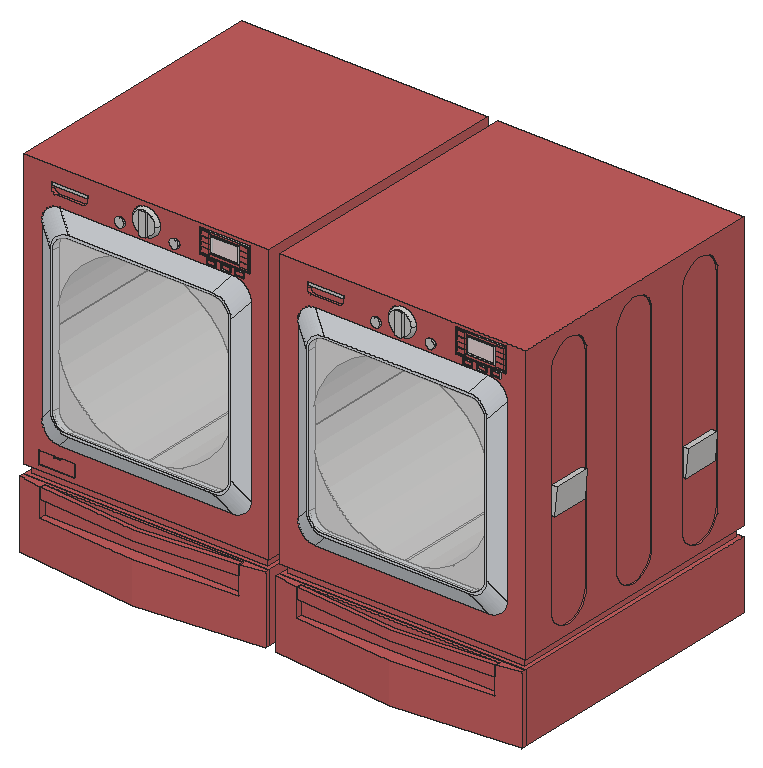
Revit family
Reference planes (in)
  plane 1 "Center (Front/Back)": y = 0
  plane 2: z = 0
  plane 3 "Center (Left/Right)": x = 0
Forms (in)
  Extrusion 1, solid, material "Washer and Dryer Red"
    sketch origin (25.30431, 25.57409, 0) x (1, 0, 0) y (0, 1, 0)
      loop
        line (-38.1577, -10.98248) -> (-38.1577, -40.98248) -> (-11.1577, -40.98248) -> (-11.1577, -10.98248) -> (-38.1577, -10.98248)
    from 0 to 39
  Sweep 2, void
    path in 3D
      loop
        line (-12.85339, -15.4084, 39) -> (14.14661, -15.4084, 39) -> (14.14661, 14.5916, 39) -> (-12.85339, 14.5916, 39) -> (-12.85339, -15.4084, 39)
    profile origin (-12.85339, -0.4084, 39) x (1, 0, 0) y (0, 0, 1)
      loop
        line (0, -31.5) -> (0.5, -31.5) -> (0.5, -30.5) -> (0, -30.5) -> (0, -31.5)
  Extrusion 3, void
    sketch origin (-12.85339, 66.17187, 0) x (0, -1, 0) y (0, 0, -1)
      loop
        arc (73.12936, -35.21261) -> (75.62936, -37.71261) -> (78.12936, -35.21261) r 2.5
        line (78.12936, -35.21261) -> (78.12936, -11.91538)
        arc (78.12936, -11.91538) -> (75.62936, -9.41538) -> (73.12936, -11.91538) r 2.5
        line (73.12936, -11.91538) -> (73.12936, -35.21261)
      loop
        arc (64.12936, -35.21261) -> (66.62936, -37.71261) -> (69.12936, -35.21261) r 2.5
        line (69.12936, -35.21261) -> (69.12936, -11.91538)
        arc (69.12936, -11.91538) -> (66.62936, -9.41538) -> (64.12936, -11.91538) r 2.5
        line (64.12936, -11.91538) -> (64.12936, -35.21261)
      loop
        arc (55.12936, -35.21261) -> (57.62936, -37.71261) -> (60.12936, -35.21261) r 2.5
        line (60.12936, -35.21261) -> (60.12936, -11.91538)
        arc (60.12936, -11.91538) -> (57.62936, -9.41538) -> (55.12936, -11.91538) r 2.5
        line (55.12936, -11.91538) -> (55.12936, -35.21261)
    from 0 to 0.25
  Extrusion 4, void
    sketch origin (14.14661, 66.17187, 0) x (0, -1, 0) y (0, 0, 1)
      loop
        line (73.12936, 35.21261) -> (73.12936, 11.91538)
        arc (73.12936, 11.91538) -> (75.62936, 9.41538) -> (78.12936, 11.91538) r 2.5
        line (78.12936, 11.91538) -> (78.12936, 35.21261)
        arc (78.12936, 35.21261) -> (75.62936, 37.71261) -> (73.12936, 35.21261) r 2.5
      loop
        line (64.12936, 35.21261) -> (64.12936, 11.91538)
        arc (64.12936, 11.91538) -> (66.62936, 9.41538) -> (69.12936, 11.91538) r 2.5
        line (69.12936, 11.91538) -> (69.12936, 35.21261)
        arc (69.12936, 35.21261) -> (66.62936, 37.71261) -> (64.12936, 35.21261) r 2.5
      loop
        line (55.12936, 35.21261) -> (55.12936, 11.91538)
        arc (55.12936, 11.91538) -> (57.62936, 9.41538) -> (60.12936, 11.91538) r 2.5
        line (60.12936, 11.91538) -> (60.12936, 35.21261)
        arc (60.12936, 35.21261) -> (57.62936, 37.71261) -> (55.12936, 35.21261) r 2.5
    from 0 to 0.25
  Extrusion 5, solid, material "Vents"
    sketch origin (0, 0, -13.6942) x (1, 0, 0) y (0, 0, 1)
      loop
        line (-12.60339, 33.52642) -> (-13.29009, 33.52642) -> (-13.02656, 30.51427) -> (-12.60339, 30.51427) -> (-12.60339, 33.52642)
    from -10.39862 to -6.50263
  Extrusion 6, solid, material "Vents"
    sketch origin (0, 0, -7.6942) x (1, 0, 0) y (0, 0, 1)
      loop
        line (-12.60339, 31.67672) -> (-13.31598, 31.67672) -> (-13.05274, 28.66793) -> (-12.60339, 28.66793) -> (-12.60339, 31.67672)
    from 7.50253 to 11.55131
  Extrusion 7, solid, material "Vents"
    sketch origin (1.29321, 0, -13.6942) x (-1, 0, 0) y (0, 0, -1)
      loop
        line (-12.60339, -33.52642) -> (-12.60339, -30.51427) -> (-13.02656, -30.51427) -> (-13.29009, -33.52642) -> (-12.60339, -33.52642)
    from -10.39862 to -6.50263
  Extrusion 8, solid, material "Vents"
    sketch origin (1.29321, 0, -7.6942) x (-1, 0, 0) y (0, 0, -1)
      loop
        line (-12.60339, -31.67672) -> (-12.60339, -28.66793) -> (-13.05274, -28.66793) -> (-13.31598, -31.67672) -> (-12.60339, -31.67672)
    from 7.50253 to 11.55131
  Extrusion 9, solid, material "Washer and Dryer Red"
    sketch origin (0, 0, 0) x (1, 0, 0) y (0, 1, 0)
      loop
        line (-12.85339, -15.4084) -> (-12.85339, -15.9084)
        arc (-12.85339, -15.9084) -> (0.64661, -17.22399) -> (14.14661, -15.9084) r 69.92289
        line (14.14661, -15.9084) -> (14.14661, -15.4084) -> (-12.85339, -15.4084)
    from 0 to 7.5
  Extrusion 10, void
    sketch origin (0, 0, 0) x (1, 0, 0) y (0, 1, 0)
      loop
        line (-10.27358, -15.75538) -> (-10.27358, -17.79213) -> (11.56679, -17.79213) -> (11.56679, -15.75538) -> (-10.27358, -15.75538)
    from 7.5 to 4.5
  Extrusion 11, solid, material "Washer and Dryer Red"
    sketch origin (0, 0, 0) x (1, 0, 0) y (0, 1, 0)
      loop
        arc (-10.27358, -16.366) -> (0.64661, -17.22399) -> (11.56679, -16.366) r 69.92289
        line (11.56679, -16.366) -> (11.56679, -15.75538)
        arc (11.56679, -15.75538) -> (0.64661, -16.68754) -> (-10.27358, -15.75538) r 64.43084
        line (-10.27358, -15.75538) -> (-10.27358, -16.366)
    from 7.5 to 6.38144
  Extrusion 12, void
    sketch origin (71.14661, -15.4084, 0) x (1, 0, 0) y (0, 0, -1)
      loop
        line (-80.5, -33.27717) -> (-60.5, -33.27717) -> (-60.5, -13.27717) -> (-80.5, -13.27717) -> (-80.5, -33.27717)
    from 0 to 26.4509
  Extrusion 13, solid, material "Stainless Steel"
    sketch origin (71.14661, -15.4084, 0) x (-1, 0, 0) y (0, 0, -1)
      loop
        line (80.5, -33.27717) -> (80.5, -23.3468) -> (80.5, -23.20755) -> (80.5, -13.27717) -> (70.57752, -13.27717) -> (70.42248, -13.27717) -> (60.5, -13.27717) -> (60.5, -23.20755) -> (60.5, -23.3468) -> (60.5, -33.27717) -> (70.42248, -33.27717) -> (70.57752, -33.27717) -> (80.5, -33.27717)
      loop
        line (80.4321, -23.3468) -> (80.4321, -23.20755)
        arc (80.4321, -23.20755) -> (77.54576, -16.2393) -> (70.57752, -13.35296) r 9.85459
        line (70.57752, -13.35296) -> (70.42248, -13.35296)
        arc (70.42248, -13.35296) -> (63.45424, -16.2393) -> (60.5679, -23.20755) r 9.85459
        line (60.5679, -23.20755) -> (60.5679, -23.3468)
        arc (60.5679, -23.3468) -> (63.45424, -30.31505) -> (70.42248, -33.20139) r 9.85459
        line (70.42248, -33.20139) -> (70.57752, -33.20139)
        arc (70.57752, -33.20139) -> (77.54576, -30.31505) -> (80.4321, -23.3468) r 9.85459
    from 0 to -26.4509
  Blend 14, solid
    base sketch origin (71.14661, -15.4084, 0) x (-1, 0, 0) y (0, 0, -1)
      loop
        arc (80.01864, -35.14139) -> (81.43285, -34.5556) -> (82.01864, -33.14139) r 2
        line (82.01864, -33.14139) -> (82.01864, -13.64139)
        arc (82.01864, -13.64139) -> (81.43285, -12.22718) -> (80.01864, -11.64139) r 2
        line (80.01864, -11.64139) -> (61.01864, -11.64139)
        arc (61.01864, -11.64139) -> (59.60442, -12.22718) -> (59.01864, -13.64139) r 2
        line (59.01864, -13.64139) -> (59.01864, -33.14139)
        arc (59.01864, -33.14139) -> (59.60442, -34.5556) -> (61.01864, -35.14139) r 2
        line (61.01864, -35.14139) -> (80.01864, -35.14139)
    top sketch origin (71.14661, -15.4084, 0) x (-1, 0, 0) y (0, 0, -1)
      loop
        line (62.5679, -33.20139) -> (78.4321, -33.20139)
        arc (78.4321, -33.20139) -> (79.84632, -32.6156) -> (80.4321, -31.20139) r 2
        line (80.4321, -31.20139) -> (80.4321, -15.35296)
        arc (80.4321, -15.35296) -> (79.84632, -13.93874) -> (78.4321, -13.35296) r 2
        line (78.4321, -13.35296) -> (62.5679, -13.35296)
        arc (62.5679, -13.35296) -> (61.15368, -13.93874) -> (60.5679, -15.35296) r 2
        line (60.5679, -15.35296) -> (60.5679, -31.20139)
        arc (60.5679, -31.20139) -> (61.15368, -32.6156) -> (62.5679, -33.20139) r 2
    from 0 to 0.79723
  Extrusion 15, void
    sketch origin (71.14661, -16.20563, 0) x (1, 0, 0) y (0, 0, -1)
      loop
        arc (-62.5679, -32.95139) -> (-61.33046, -32.43883) -> (-60.8179, -31.20139) r 1.75
        line (-60.8179, -31.20139) -> (-60.8179, -15.35296)
        arc (-60.8179, -15.35296) -> (-61.33046, -14.11552) -> (-62.5679, -13.60296) r 1.75
        line (-62.5679, -13.60296) -> (-78.4321, -13.60296)
        arc (-78.4321, -13.60296) -> (-79.66954, -14.11552) -> (-80.1821, -15.35296) r 1.75
        line (-80.1821, -15.35296) -> (-80.1821, -31.20139)
        arc (-80.1821, -31.20139) -> (-79.66954, -32.43883) -> (-78.4321, -32.95139) r 1.75
        line (-78.4321, -32.95139) -> (-62.5679, -32.95139)
    from 0 to 0.79723
  Extrusion 16, solid, material "Glassss"
    sketch origin (71.14661, -16.20563, 0) x (-1, 0, 0) y (0, 0, -1)
      loop
        line (80.1821, -31.20139) -> (80.1821, -15.35296)
        arc (80.1821, -15.35296) -> (79.66954, -14.11552) -> (78.4321, -13.60296) r 1.75
        line (78.4321, -13.60296) -> (62.5679, -13.60296)
        arc (62.5679, -13.60296) -> (61.33046, -14.11552) -> (60.8179, -15.35296) r 1.75
        line (60.8179, -15.35296) -> (60.8179, -31.20139)
        arc (60.8179, -31.20139) -> (61.33046, -32.43883) -> (62.5679, -32.95139) r 1.75
        line (62.5679, -32.95139) -> (78.4321, -32.95139)
        arc (78.4321, -32.95139) -> (79.66954, -32.43883) -> (80.1821, -31.20139) r 1.75
    from -0.23335 to 0
  Blend 17, solid, material "Stainless Steel"
    base sketch origin (71.14661, -15.4084, 0) x (-1, 0, 0) y (0, 0, -1)
      loop
        circle (70.5, -37.07069) r 1.5
    top sketch origin (71.14661, -15.4084, 0) x (-1, 0, 0) y (0, 0, -1)
      loop
        circle (70.5, -37.07069) r 1.25
    from 0 to 0.34699
  Extrusion 18, solid, material "Stainless Steel"
    sketch origin (71.14661, -15.4084, 0) x (-1, 0, 0) y (0, 0, -1)
      loop
        line (70.85606, -38.26891) -> (70.85606, -35.87248)
        arc (70.85606, -35.87248) -> (70.5, -35.82069) -> (70.14394, -35.87248) r 1.25
        line (70.14394, -35.87248) -> (70.14394, -38.26891)
        arc (70.14394, -38.26891) -> (70.5, -38.32069) -> (70.85606, -38.26891) r 1.25
    from 0.34699 to 0.56388
  Extrusion 19, solid, material "Stainless Steel"
    sketch origin (71.27161, -15.4084, 0) x (-1, 0, 0) y (0, 0, -1)
      loop
        circle (73.4946, -36.04815) r 0.5
      loop
        circle (67.4946, -36.04815) r 0.5
    from 0 to 0.14595
  Extrusion 20, void
    sketch origin (71.14661, -15.4084, 0) x (1, 0, 0) y (0, 0, -1)
      loop
        line (-80.95317, -37.32655) -> (-76.95317, -37.32655) -> (-76.95317, -36.70155)
        arc (-76.95317, -36.70155) -> (-77.09962, -36.348) -> (-77.45317, -36.20155) r 0.5
        line (-77.45317, -36.20155) -> (-80.45317, -36.20155)
        arc (-80.45317, -36.20155) -> (-80.80673, -36.348) -> (-80.95317, -36.70155) r 0.5
        line (-80.95317, -36.70155) -> (-80.95317, -37.32655)
    from 0 to 0.37612
  Extrusion 21, solid, material "Stainless Steel"
    sketch origin (71.14661, -15.4084, 0) x (-1, 0, 0) y (0, 0, -1)
      loop
        line (80.95317, -37.32655) -> (80.95317, -37.07655) -> (76.95317, -37.07655) -> (76.95317, -37.32655) -> (80.95317, -37.32655)
    from -0.37612 to 0
  Blend 22, solid, material "Stainless Steel"
    base sketch origin (71.14661, -15.4084, 0.1875) x (-1, 0, 0) y (0, 0, -1)
      loop
        line (63.50725, -38.14169) -> (63.50725, -36.14169) -> (60.25725, -36.14169) -> (60.25725, -38.14169) -> (63.50725, -38.14169)
    top sketch origin (71.14661, -15.4084, 0.1875) x (-1, 0, 0) y (0, 0, -1)
      loop
        line (63.38225, -38.01669) -> (63.38225, -36.26669) -> (60.38225, -36.26669) -> (60.38225, -38.01669) -> (63.38225, -38.01669)
    from 0 to 0.06885
  Extrusion 23, void
    sketch origin (71.14661, -15.4084, 0.1875) x (1, 0, 0) y (0, 0, -1)
      loop
        line (-63.31975, -36.32919) -> (-63.31975, -37.95419) -> (-60.44475, -37.95419) -> (-60.44475, -36.32919) -> (-63.31975, -36.32919)
    from -0.06885 to 0
  Extrusion 24, solid, material "Glass Glass"
    sketch origin (71.14661, -15.4084, 0.1875) x (-1, 0, 0) y (0, 0, -1)
      loop
        line (63.31975, -37.95419) -> (63.31975, -36.32919) -> (60.44475, -36.32919) -> (60.44475, -37.95419) -> (63.31975, -37.95419)
    from 0 to 0.06885
  Extrusion 25, solid, material "Stainless Steel"
    sketch origin (71.14661, -15.4084, 0.1875) x (-1, 0, 0) y (0, 0, -1)
      loop
        line (64.61238, -38.49186) -> (64.61238, -35.79153) -> (59.11238, -35.79153) -> (59.11238, -38.49186) -> (64.61238, -38.49186)
      loop
        line (64.54988, -38.42936) -> (64.54988, -35.85403) -> (59.17488, -35.85403) -> (59.17488, -38.42936) -> (64.54988, -38.42936)
    from 0 to 0.03097
  Extrusion 26, solid, material "Washer and Dryer Red"
    sketch origin (71.14661, -15.4084, 0) x (-1, 0, 0) y (0, 0, -1)
      loop
        line (63.58021, -38.38676) -> (64.47181, -38.38676) -> (64.47181, -37.88676) -> (63.58021, -37.88676) -> (63.58021, -38.38676)
      loop
        line (63.58021, -37.84101) -> (64.47181, -37.84101) -> (64.47181, -37.34101) -> (63.58021, -37.34101) -> (63.58021, -37.84101)
      loop
        line (63.58021, -37.31284) -> (64.47181, -37.31284) -> (64.47181, -36.81284) -> (63.58021, -36.81284) -> (63.58021, -37.31284)
      loop
        line (63.58021, -36.77632) -> (64.47181, -36.77632) -> (64.47181, -36.27632) -> (63.58021, -36.27632) -> (63.58021, -36.77632)
      loop
        line (60.18429, -38.38676) -> (60.18429, -37.88676) -> (59.29268, -37.88676) -> (59.29268, -38.38676) -> (60.18429, -38.38676)
      loop
        line (60.18429, -37.84101) -> (60.18429, -37.34101) -> (59.29268, -37.34101) -> (59.29268, -37.84101) -> (60.18429, -37.84101)
      loop
        line (60.18429, -37.31284) -> (60.18429, -36.81284) -> (59.29268, -36.81284) -> (59.29268, -37.31284) -> (60.18429, -37.31284)
      loop
        line (60.18429, -36.77632) -> (60.18429, -36.27632) -> (59.29268, -36.27632) -> (59.29268, -36.77632) -> (60.18429, -36.77632)
      loop
        line (62.90119, -35.81943) -> (63.79279, -35.81943) -> (63.79279, -35.31943) -> (62.90119, -35.31943) -> (62.90119, -35.81943)
      loop
        line (61.31193, -35.81943) -> (62.20353, -35.81943) -> (62.20353, -35.31943) -> (61.31193, -35.31943) -> (61.31193, -35.81943)
      loop
        line (59.81193, -35.81943) -> (60.70353, -35.81943) -> (60.70353, -35.31943) -> (59.81193, -35.31943) -> (59.81193, -35.81943)
    from 0 to 0.03097
  Extrusion 27, solid, material "Stainless Steel"
    sketch origin (71.14661, -15.4084, 0) x (-1, 0, 0) y (0, 0, -1)
      loop
        line (63.85529, -35.88193) -> (63.85529, -35.25693) -> (62.83869, -35.25693) -> (62.83869, -35.88193) -> (63.85529, -35.88193)
      loop
        line (62.26603, -35.88193) -> (62.26603, -35.25693) -> (61.24943, -35.25693) -> (61.24943, -35.88193) -> (62.26603, -35.88193)
      loop
        line (60.76603, -35.25693) -> (59.74943, -35.25693) -> (59.74943, -35.88193) -> (60.76603, -35.88193) -> (60.76603, -35.25693)
      loop
        line (62.90119, -35.81943) -> (63.79279, -35.81943) -> (63.79279, -35.31943) -> (62.90119, -35.31943) -> (62.90119, -35.81943)
      loop
        line (61.31193, -35.81943) -> (62.20353, -35.81943) -> (62.20353, -35.31943) -> (61.31193, -35.31943) -> (61.31193, -35.81943)
      loop
        line (59.81193, -35.81943) -> (60.70353, -35.81943) -> (60.70353, -35.31943) -> (59.81193, -35.31943) -> (59.81193, -35.81943)
    from 0 to 0.03097
  Extrusion 28, void
    sketch origin (71.14661, -15.4084, 0) x (1, 0, 0) y (0, 0, -1)
      loop
        line (-82.32812, -10.46464) -> (-78.32812, -10.46464) -> (-78.32812, -8.96464) -> (-82.32812, -8.96464) -> (-82.32812, -10.46464)
      loop
        line (-82.26562, -9.02714) -> (-82.26562, -10.40214) -> (-80.7037, -10.40214) -> (-80.7037, -10.21464) -> (-79.82812, -10.21464) -> (-79.82812, -10.40214) -> (-78.39062, -10.40214) -> (-78.39062, -9.02714) -> (-82.26562, -9.02714)
    from 0 to 0.5
Cuts and joins
  Sweep 2, Extrusion 3, Extrusion 4, Extrusion 12, Extrusion 15, Extrusion 20, Extrusion 23, Extrusion 28 cuts Extrusion 1
  Extrusion 10 cuts Extrusion 9
  Extrusion 15 cuts Extrusion 13
  Extrusion 15 cuts Blend 14
  Extrusion 23 cuts Blend 22
Lines and regions (in)
  sketch lines
    curve 1: line (-12.85339, 14.5916, 39) -> (-12.85339, -15.4084, 39)
    curve 2: line (14.14661, 14.5916, 39) -> (-12.85339, 14.5916, 39)
    curve 3: line (14.14661, -15.4084, 39) -> (14.14661, 14.5916, 39)
    curve 4: line (-12.85339, -15.4084, 39) -> (14.14661, -15.4084, 39)
  model lines
    curve 5: line (0.64661, -15.4084, 0) -> (0.64661, 14.5916, 0)
Dimensions and locks (in)
  Extrusion 1 sketch curve to Extrusion 1 sketch curve = 2' - 3"
  Extrusion 1 sketch curve to Extrusion 1 sketch curve = 2' - 6"
  aligned and locked: Extrusion 10 to cut or joined group of Extrusion 1, Sweep 2, Extrusion 3, Extrusion 4, Extrusion 12, Extrusion 15, Extrusion 20, Extrusion 23, Extrusion 28
Nested families (in)
  nested 1: "Dryer" at (28.14661, 0.04251, 0), type "Dryer"
Definition of nested family "Dryer"
  Reference planes (in)
    plane 1 "Center (Front/Back)": y = 0
    plane 2: z = 0
    plane 3 "Center (Left/Right)": x = 0
  Forms (in)
    Extrusion 1, solid, material "Washer and Dryer Red"
      sketch origin (25.30431, 25.57409, 0) x (1, 0, 0) y (0, 1, 0)
        loop
          line (-38.1577, -10.98248) -> (-38.1577, -40.98248) -> (-11.1577, -40.98248) -> (-11.1577, -10.98248) -> (-38.1577, -10.98248)
      from 0 to 39
    Sweep 2, void
      path in 3D
        loop
          line (-12.85339, -15.4084, 39) -> (14.14661, -15.4084, 39) -> (14.14661, 14.5916, 39) -> (-12.85339, 14.5916, 39) -> (-12.85339, -15.4084, 39)
      profile origin (-12.85339, -0.4084, 39) x (1, 0, 0) y (0, 0, 1)
        loop
          line (0, -31.5) -> (0.5, -31.5) -> (0.5, -30.5) -> (0, -30.5) -> (0, -31.5)
    Extrusion 3, void
      sketch origin (-12.85339, 66.17187, 0) x (0, -1, 0) y (0, 0, -1)
        loop
          arc (73.12936, -35.21261) -> (75.62936, -37.71261) -> (78.12936, -35.21261) r 2.5
          line (78.12936, -35.21261) -> (78.12936, -11.91538)
          arc (78.12936, -11.91538) -> (75.62936, -9.41538) -> (73.12936, -11.91538) r 2.5
          line (73.12936, -11.91538) -> (73.12936, -35.21261)
        loop
          arc (64.12936, -35.21261) -> (66.62936, -37.71261) -> (69.12936, -35.21261) r 2.5
          line (69.12936, -35.21261) -> (69.12936, -11.91538)
          arc (69.12936, -11.91538) -> (66.62936, -9.41538) -> (64.12936, -11.91538) r 2.5
          line (64.12936, -11.91538) -> (64.12936, -35.21261)
        loop
          arc (55.12936, -35.21261) -> (57.62936, -37.71261) -> (60.12936, -35.21261) r 2.5
          line (60.12936, -35.21261) -> (60.12936, -11.91538)
          arc (60.12936, -11.91538) -> (57.62936, -9.41538) -> (55.12936, -11.91538) r 2.5
          line (55.12936, -11.91538) -> (55.12936, -35.21261)
      from 0 to 0.25
    Extrusion 4, void
      sketch origin (14.14661, 66.17187, 0) x (0, -1, 0) y (0, 0, 1)
        loop
          line (73.12936, 35.21261) -> (73.12936, 11.91538)
          arc (73.12936, 11.91538) -> (75.62936, 9.41538) -> (78.12936, 11.91538) r 2.5
          line (78.12936, 11.91538) -> (78.12936, 35.21261)
          arc (78.12936, 35.21261) -> (75.62936, 37.71261) -> (73.12936, 35.21261) r 2.5
        loop
          line (64.12936, 35.21261) -> (64.12936, 11.91538)
          arc (64.12936, 11.91538) -> (66.62936, 9.41538) -> (69.12936, 11.91538) r 2.5
          line (69.12936, 11.91538) -> (69.12936, 35.21261)
          arc (69.12936, 35.21261) -> (66.62936, 37.71261) -> (64.12936, 35.21261) r 2.5
        loop
          line (55.12936, 35.21261) -> (55.12936, 11.91538)
          arc (55.12936, 11.91538) -> (57.62936, 9.41538) -> (60.12936, 11.91538) r 2.5
          line (60.12936, 11.91538) -> (60.12936, 35.21261)
          arc (60.12936, 35.21261) -> (57.62936, 37.71261) -> (55.12936, 35.21261) r 2.5
      from 0 to 0.25
    Extrusion 5, solid, material "Vents"
      sketch origin (0, 0, -13.6942) x (1, 0, 0) y (0, 0, 1)
        loop
          line (-12.60339, 33.52642) -> (-13.29009, 33.52642) -> (-13.02656, 30.51427) -> (-12.60339, 30.51427) -> (-12.60339, 33.52642)
      from -10.39862 to -6.50263
    Extrusion 6, solid, material "Vents"
      sketch origin (0, 0, -7.6942) x (1, 0, 0) y (0, 0, 1)
        loop
          line (-12.60339, 31.67672) -> (-13.31598, 31.67672) -> (-13.05274, 28.66793) -> (-12.60339, 28.66793) -> (-12.60339, 31.67672)
      from 7.50253 to 11.55131
    Extrusion 7, solid, material "Vents"
      sketch origin (1.29321, 0, -13.6942) x (-1, 0, 0) y (0, 0, -1)
        loop
          line (-12.60339, -33.52642) -> (-12.60339, -30.51427) -> (-13.02656, -30.51427) -> (-13.29009, -33.52642) -> (-12.60339, -33.52642)
      from -10.39862 to -6.50263
    Extrusion 8, solid, material "Vents"
      sketch origin (1.29321, 0, -7.6942) x (-1, 0, 0) y (0, 0, -1)
        loop
          line (-12.60339, -31.67672) -> (-12.60339, -28.66793) -> (-13.05274, -28.66793) -> (-13.31598, -31.67672) -> (-12.60339, -31.67672)
      from 7.50253 to 11.55131
    Extrusion 9, solid, material "Washer and Dryer Red"
      sketch origin (0, 0, 0) x (1, 0, 0) y (0, 1, 0)
        loop
          line (-12.85339, -15.4084) -> (-12.85339, -15.9084)
          arc (-12.85339, -15.9084) -> (0.64661, -17.22399) -> (14.14661, -15.9084) r 69.92289
          line (14.14661, -15.9084) -> (14.14661, -15.4084) -> (-12.85339, -15.4084)
      from 0 to 7.5
    Extrusion 10, void
      sketch origin (0, 0, 0) x (1, 0, 0) y (0, 1, 0)
        loop
          line (-10.27358, -15.75538) -> (-10.27358, -17.79213) -> (11.56679, -17.79213) -> (11.56679, -15.75538) -> (-10.27358, -15.75538)
      from 7.5 to 4.5
    Extrusion 11, solid, material "Washer and Dryer Red"
      sketch origin (0, 0, 0) x (1, 0, 0) y (0, 1, 0)
        loop
          arc (-10.27358, -16.366) -> (0.64661, -17.22399) -> (11.56679, -16.366) r 69.92289
          line (11.56679, -16.366) -> (11.56679, -15.75538)
          arc (11.56679, -15.75538) -> (0.64661, -16.68754) -> (-10.27358, -15.75538) r 64.43084
          line (-10.27358, -15.75538) -> (-10.27358, -16.366)
      from 7.5 to 6.38144
    Extrusion 12, void
      sketch origin (71.14661, -15.4084, 0) x (1, 0, 0) y (0, 0, -1)
        loop
          line (-80.5, -33.27717) -> (-60.5, -33.27717) -> (-60.5, -13.27717) -> (-80.5, -13.27717) -> (-80.5, -33.27717)
      from 0 to 26.4509
    Extrusion 13, solid, material "Stainless Steel"
      sketch origin (71.14661, -15.4084, 0) x (-1, 0, 0) y (0, 0, -1)
        loop
          line (80.5, -33.27717) -> (80.5, -23.3468) -> (80.5, -23.20755) -> (80.5, -13.27717) -> (70.57752, -13.27717) -> (70.42248, -13.27717) -> (60.5, -13.27717) -> (60.5, -23.20755) -> (60.5, -23.3468) -> (60.5, -33.27717) -> (70.42248, -33.27717) -> (70.57752, -33.27717) -> (80.5, -33.27717)
        loop
          line (80.4321, -23.3468) -> (80.4321, -23.20755)
          arc (80.4321, -23.20755) -> (77.54576, -16.2393) -> (70.57752, -13.35296) r 9.85459
          line (70.57752, -13.35296) -> (70.42248, -13.35296)
          arc (70.42248, -13.35296) -> (63.45424, -16.2393) -> (60.5679, -23.20755) r 9.85459
          line (60.5679, -23.20755) -> (60.5679, -23.3468)
          arc (60.5679, -23.3468) -> (63.45424, -30.31505) -> (70.42248, -33.20139) r 9.85459
          line (70.42248, -33.20139) -> (70.57752, -33.20139)
          arc (70.57752, -33.20139) -> (77.54576, -30.31505) -> (80.4321, -23.3468) r 9.85459
      from 0 to -26.4509
    Blend 14, solid
      base sketch origin (71.14661, -15.4084, 0) x (-1, 0, 0) y (0, 0, -1)
        loop
          arc (80.01864, -35.14139) -> (81.43285, -34.5556) -> (82.01864, -33.14139) r 2
          line (82.01864, -33.14139) -> (82.01864, -13.64139)
          arc (82.01864, -13.64139) -> (81.43285, -12.22718) -> (80.01864, -11.64139) r 2
          line (80.01864, -11.64139) -> (61.01864, -11.64139)
          arc (61.01864, -11.64139) -> (59.60442, -12.22718) -> (59.01864, -13.64139) r 2
          line (59.01864, -13.64139) -> (59.01864, -33.14139)
          arc (59.01864, -33.14139) -> (59.60442, -34.5556) -> (61.01864, -35.14139) r 2
          line (61.01864, -35.14139) -> (80.01864, -35.14139)
      top sketch origin (71.14661, -15.4084, 0) x (-1, 0, 0) y (0, 0, -1)
        loop
          line (62.5679, -33.20139) -> (78.4321, -33.20139)
          arc (78.4321, -33.20139) -> (79.84632, -32.6156) -> (80.4321, -31.20139) r 2
          line (80.4321, -31.20139) -> (80.4321, -15.35296)
          arc (80.4321, -15.35296) -> (79.84632, -13.93874) -> (78.4321, -13.35296) r 2
          line (78.4321, -13.35296) -> (62.5679, -13.35296)
          arc (62.5679, -13.35296) -> (61.15368, -13.93874) -> (60.5679, -15.35296) r 2
          line (60.5679, -15.35296) -> (60.5679, -31.20139)
          arc (60.5679, -31.20139) -> (61.15368, -32.6156) -> (62.5679, -33.20139) r 2
      from 0 to 0.79723
    Extrusion 15, void
      sketch origin (71.14661, -16.20563, 0) x (1, 0, 0) y (0, 0, -1)
        loop
          arc (-62.5679, -32.95139) -> (-61.33046, -32.43883) -> (-60.8179, -31.20139) r 1.75
          line (-60.8179, -31.20139) -> (-60.8179, -15.35296)
          arc (-60.8179, -15.35296) -> (-61.33046, -14.11552) -> (-62.5679, -13.60296) r 1.75
          line (-62.5679, -13.60296) -> (-78.4321, -13.60296)
          arc (-78.4321, -13.60296) -> (-79.66954, -14.11552) -> (-80.1821, -15.35296) r 1.75
          line (-80.1821, -15.35296) -> (-80.1821, -31.20139)
          arc (-80.1821, -31.20139) -> (-79.66954, -32.43883) -> (-78.4321, -32.95139) r 1.75
          line (-78.4321, -32.95139) -> (-62.5679, -32.95139)
      from 0 to 0.79723
    Extrusion 16, solid, material "Glassss"
      sketch origin (71.14661, -16.20563, 0) x (-1, 0, 0) y (0, 0, -1)
        loop
          line (80.1821, -31.20139) -> (80.1821, -15.35296)
          arc (80.1821, -15.35296) -> (79.66954, -14.11552) -> (78.4321, -13.60296) r 1.75
          line (78.4321, -13.60296) -> (62.5679, -13.60296)
          arc (62.5679, -13.60296) -> (61.33046, -14.11552) -> (60.8179, -15.35296) r 1.75
          line (60.8179, -15.35296) -> (60.8179, -31.20139)
          arc (60.8179, -31.20139) -> (61.33046, -32.43883) -> (62.5679, -32.95139) r 1.75
          line (62.5679, -32.95139) -> (78.4321, -32.95139)
          arc (78.4321, -32.95139) -> (79.66954, -32.43883) -> (80.1821, -31.20139) r 1.75
      from -0.23335 to 0
    Blend 17, solid, material "Stainless Steel"
      base sketch origin (71.14661, -15.4084, 0) x (-1, 0, 0) y (0, 0, -1)
        loop
          circle (70.5, -37.07069) r 1.5
      top sketch origin (71.14661, -15.4084, 0) x (-1, 0, 0) y (0, 0, -1)
        loop
          circle (70.5, -37.07069) r 1.25
      from 0 to 0.34699
    Extrusion 18, solid, material "Stainless Steel"
      sketch origin (71.14661, -15.4084, 0) x (-1, 0, 0) y (0, 0, -1)
        loop
          line (70.85606, -38.26891) -> (70.85606, -35.87248)
          arc (70.85606, -35.87248) -> (70.5, -35.82069) -> (70.14394, -35.87248) r 1.25
          line (70.14394, -35.87248) -> (70.14394, -38.26891)
          arc (70.14394, -38.26891) -> (70.5, -38.32069) -> (70.85606, -38.26891) r 1.25
      from 0.34699 to 0.56388
    Extrusion 19, solid, material "Stainless Steel"
      sketch origin (71.27161, -15.4084, 0) x (-1, 0, 0) y (0, 0, -1)
        loop
          circle (73.4946, -36.04815) r 0.5
        loop
          circle (67.4946, -36.04815) r 0.5
      from 0 to 0.14595
    Extrusion 20, void
      sketch origin (71.14661, -15.4084, 0) x (1, 0, 0) y (0, 0, -1)
        loop
          line (-80.95317, -37.32655) -> (-76.95317, -37.32655) -> (-76.95317, -36.70155)
          arc (-76.95317, -36.70155) -> (-77.09962, -36.348) -> (-77.45317, -36.20155) r 0.5
          line (-77.45317, -36.20155) -> (-80.45317, -36.20155)
          arc (-80.45317, -36.20155) -> (-80.80673, -36.348) -> (-80.95317, -36.70155) r 0.5
          line (-80.95317, -36.70155) -> (-80.95317, -37.32655)
      from 0 to 0.37612
    Extrusion 21, solid, material "Stainless Steel"
      sketch origin (71.14661, -15.4084, 0) x (-1, 0, 0) y (0, 0, -1)
        loop
          line (80.95317, -37.32655) -> (80.95317, -37.07655) -> (76.95317, -37.07655) -> (76.95317, -37.32655) -> (80.95317, -37.32655)
      from -0.37612 to 0
    Blend 22, solid, material "Stainless Steel"
      base sketch origin (71.14661, -15.4084, 0.1875) x (-1, 0, 0) y (0, 0, -1)
        loop
          line (63.50725, -38.14169) -> (63.50725, -36.14169) -> (60.25725, -36.14169) -> (60.25725, -38.14169) -> (63.50725, -38.14169)
      top sketch origin (71.14661, -15.4084, 0.1875) x (-1, 0, 0) y (0, 0, -1)
        loop
          line (63.38225, -38.01669) -> (63.38225, -36.26669) -> (60.38225, -36.26669) -> (60.38225, -38.01669) -> (63.38225, -38.01669)
      from 0 to 0.06885
    Extrusion 23, void
      sketch origin (71.14661, -15.4084, 0.1875) x (1, 0, 0) y (0, 0, -1)
        loop
          line (-63.31975, -36.32919) -> (-63.31975, -37.95419) -> (-60.44475, -37.95419) -> (-60.44475, -36.32919) -> (-63.31975, -36.32919)
      from -0.06885 to 0
    Extrusion 24, solid, material "Glass Glass"
      sketch origin (71.14661, -15.4084, 0.1875) x (-1, 0, 0) y (0, 0, -1)
        loop
          line (63.31975, -37.95419) -> (63.31975, -36.32919) -> (60.44475, -36.32919) -> (60.44475, -37.95419) -> (63.31975, -37.95419)
      from 0 to 0.06885
    Extrusion 25, solid, material "Stainless Steel"
      sketch origin (71.14661, -15.4084, 0.1875) x (-1, 0, 0) y (0, 0, -1)
        loop
          line (64.61238, -38.49186) -> (64.61238, -35.79153) -> (59.11238, -35.79153) -> (59.11238, -38.49186) -> (64.61238, -38.49186)
        loop
          line (64.54988, -38.42936) -> (64.54988, -35.85403) -> (59.17488, -35.85403) -> (59.17488, -38.42936) -> (64.54988, -38.42936)
      from 0 to 0.03097
    Extrusion 26, solid, material "Washer and Dryer Red"
      sketch origin (71.14661, -15.4084, 0) x (-1, 0, 0) y (0, 0, -1)
        loop
          line (63.58021, -38.38676) -> (64.47181, -38.38676) -> (64.47181, -37.88676) -> (63.58021, -37.88676) -> (63.58021, -38.38676)
        loop
          line (63.58021, -37.84101) -> (64.47181, -37.84101) -> (64.47181, -37.34101) -> (63.58021, -37.34101) -> (63.58021, -37.84101)
        loop
          line (63.58021, -37.31284) -> (64.47181, -37.31284) -> (64.47181, -36.81284) -> (63.58021, -36.81284) -> (63.58021, -37.31284)
        loop
          line (63.58021, -36.77632) -> (64.47181, -36.77632) -> (64.47181, -36.27632) -> (63.58021, -36.27632) -> (63.58021, -36.77632)
        loop
          line (60.18429, -38.38676) -> (60.18429, -37.88676) -> (59.29268, -37.88676) -> (59.29268, -38.38676) -> (60.18429, -38.38676)
        loop
          line (60.18429, -37.84101) -> (60.18429, -37.34101) -> (59.29268, -37.34101) -> (59.29268, -37.84101) -> (60.18429, -37.84101)
        loop
          line (60.18429, -37.31284) -> (60.18429, -36.81284) -> (59.29268, -36.81284) -> (59.29268, -37.31284) -> (60.18429, -37.31284)
        loop
          line (60.18429, -36.77632) -> (60.18429, -36.27632) -> (59.29268, -36.27632) -> (59.29268, -36.77632) -> (60.18429, -36.77632)
        loop
          line (62.90119, -35.81943) -> (63.79279, -35.81943) -> (63.79279, -35.31943) -> (62.90119, -35.31943) -> (62.90119, -35.81943)
        loop
          line (61.31193, -35.81943) -> (62.20353, -35.81943) -> (62.20353, -35.31943) -> (61.31193, -35.31943) -> (61.31193, -35.81943)
        loop
          line (59.81193, -35.81943) -> (60.70353, -35.81943) -> (60.70353, -35.31943) -> (59.81193, -35.31943) -> (59.81193, -35.81943)
      from 0 to 0.03097
    Extrusion 27, solid, material "Stainless Steel"
      sketch origin (71.14661, -15.4084, 0) x (-1, 0, 0) y (0, 0, -1)
        loop
          line (63.85529, -35.88193) -> (63.85529, -35.25693) -> (62.83869, -35.25693) -> (62.83869, -35.88193) -> (63.85529, -35.88193)
        loop
          line (62.26603, -35.88193) -> (62.26603, -35.25693) -> (61.24943, -35.25693) -> (61.24943, -35.88193) -> (62.26603, -35.88193)
        loop
          line (60.76603, -35.25693) -> (59.74943, -35.25693) -> (59.74943, -35.88193) -> (60.76603, -35.88193) -> (60.76603, -35.25693)
        loop
          line (62.90119, -35.81943) -> (63.79279, -35.81943) -> (63.79279, -35.31943) -> (62.90119, -35.31943) -> (62.90119, -35.81943)
        loop
          line (61.31193, -35.81943) -> (62.20353, -35.81943) -> (62.20353, -35.31943) -> (61.31193, -35.31943) -> (61.31193, -35.81943)
        loop
          line (59.81193, -35.81943) -> (60.70353, -35.81943) -> (60.70353, -35.31943) -> (59.81193, -35.31943) -> (59.81193, -35.81943)
      from 0 to 0.03097
  Cuts and joins
    Sweep 2, Extrusion 3, Extrusion 4, Extrusion 12, Extrusion 15, Extrusion 20, Extrusion 23 cuts Extrusion 1
    Extrusion 10 cuts Extrusion 9
    Extrusion 15 cuts Extrusion 13
    Extrusion 15 cuts Blend 14
    Extrusion 23 cuts Blend 22
  Lines and regions (in)
    sketch lines
      curve 1: line (-12.85339, 14.5916, 39) -> (-12.85339, -15.4084, 39)
      curve 2: line (14.14661, 14.5916, 39) -> (-12.85339, 14.5916, 39)
      curve 3: line (14.14661, -15.4084, 39) -> (14.14661, 14.5916, 39)
      curve 4: line (-12.85339, -15.4084, 39) -> (14.14661, -15.4084, 39)
    model lines
      curve 5: line (0.64661, -15.4084, 0) -> (0.64661, 14.5916, 0)
  Dimensions and locks (in)
    Extrusion 1 sketch curve to Extrusion 1 sketch curve = 2' - 3"
    Extrusion 1 sketch curve to Extrusion 1 sketch curve = 2' - 6"
    aligned and locked: Extrusion 10 to cut or joined group of Extrusion 1, Sweep 2, Extrusion 3, Extrusion 4, Extrusion 12, Extrusion 15, Extrusion 20, Extrusion 23
